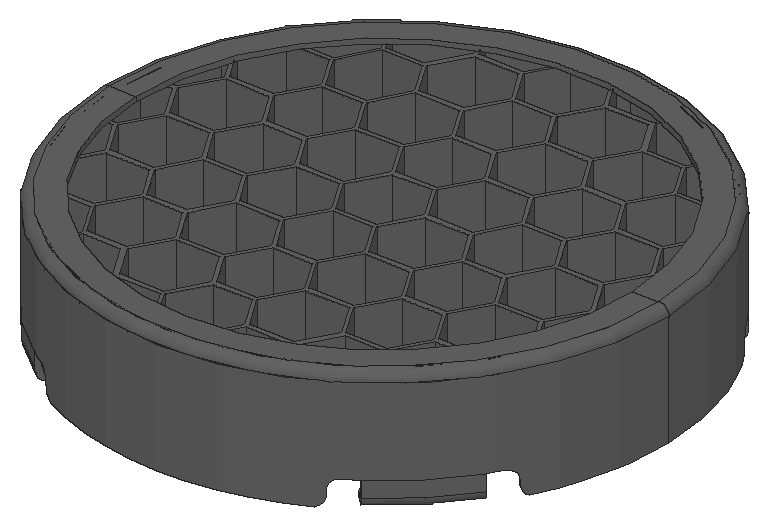
Revit family "STH20911", category Modelos genéricos, Revit 2023
Family settings
  Pode hospedar o vergalhão = Não
  Cota do conector redondo = Utilizar diâmetro
  Tipo de parte = Normal
  Com base no plano de trabalho = Não
  Sempre na vertical = Sim
  Corte com vazios quando carregada = Não
  Manter orientação da anotação = Não
  Compartilhado = Não
  Ponto de cálculo do ambiente = Não
Parameters (values of type "STH20911")
  URL = "https://stella.com.br/"
  Referência = "STH20911"
  Modelo = "Kit Grade"
  Fabricante = "Stella"
  Estrutura = Al - Preto
  Elevação padrão = 0.00 m
  Diâmetro = 0.0345 m
  Comentários de tipos = "Para Square MR11"
  Altura = 0.0075 m
Reference planes (m)
  plane 1 "Centro (Frente/Trás)": y = 0
  plane 2: z = 0
  plane 3 "Centro (Esquerda/Direita)": x = 0
  plane 4: x = 0.01725
  plane 5: x = -0.01725
  plane 6: y = 0.01725
  plane 7: y = -0.01725
  plane 8: z = 0.0075
Forms (m)
  Revolve 1, solid, material "Al - Preto" <- "Estrutura"
    sketch origin (0, 0, 0) x (1, 0, 0) y (0, 0, 1)
      loop
        line (-0.0153, 0.00755) -> (-0.0169, 0.00755)
        arc (-0.0169, 0.00755) -> (-0.017324, 0.007374) -> (-0.0175, 0.00695) r 0.0006
        line (-0.0175, 0.00695) -> (-0.0175, 0) -> (-0.0153, 0) -> (-0.0153, 0.00755)
      axis (0, 0.00755) -> (0, 0)
    angle from 0 to 360
  Revolve 2, void
    sketch origin (0, 0, 0) x (1, 0, 0) y (0, 0, 1)
      loop
        line (-0.0172, 0.006668) -> (-0.0172, 0) -> (-0.0153, 0) -> (-0.0153, 0.00725) -> (-0.016618, 0.00725)
        arc (-0.016618, 0.00725) -> (-0.01703, 0.00708) -> (-0.0172, 0.006668) r 0.000582
      axis (0, 0.00725) -> (0, 0)
    angle from 0 to 360
  Extrusion 3, void
    sketch origin (0, 0, 0) x (0.707107, 0.707107, 0) y (0, 0, 1)
      loop
        arc (-0.00408, 0.0016) -> (-0.004562, 0.001336) -> (-0.004704, 0.000805) r 0.000699
        arc (-0.004704, 0.000805) -> (-0.004805, 0.000315) -> (-0.005194, 0) r 0.000743
        line (-0.005194, 0) -> (0.005194, 0)
        arc (0.005194, 0) -> (0.004805, 0.000315) -> (0.004704, 0.000805) r 0.000743
        arc (0.004704, 0.000805) -> (0.004562, 0.001336) -> (0.00408, 0.0016) r 0.000699
        line (0.00408, 0.0016) -> (-0.00408, 0.0016)
    from -0.0185 to 0.018483
  Extrusion 4, void
    sketch origin (0, 0, 0) x (-0.707107, 0.707107, 0) y (0, 0, -1)
      loop
        line (-0.00408, -0.0016) -> (0.00408, -0.0016)
        arc (0.00408, -0.0016) -> (0.004562, -0.001336) -> (0.004704, -0.000805) r 0.000699
        arc (0.004704, -0.000805) -> (0.004805, -0.000315) -> (0.005194, 0) r 0.000743
        line (0.005194, 0) -> (-0.005194, 0)
        arc (-0.005194, 0) -> (-0.004805, -0.000315) -> (-0.004704, -0.000805) r 0.000743
        arc (-0.004704, -0.000805) -> (-0.004562, -0.001336) -> (-0.00408, -0.0016) r 0.000699
    from -0.0185 to 0.018483
  Revolve 5, solid, material "Al - Preto" <- "Estrutura"
    sketch origin (0, 0, 0) x (1, 0, 0) y (0, 0, 1)
      loop
        line (-0.0152, 0.0016) -> (-0.0175, 0.0016) -> (-0.0175, 0.0006)
        arc (-0.0175, 0.0006) -> (-0.017324, 0.000176) -> (-0.0169, 0) r 0.0006
        line (-0.0169, 0) -> (-0.0152, 0) -> (-0.0152, 0.0016)
      axis (0, 0.0016) -> (0, 0)
    angle from 0 to 360
  Revolve 6, void
    sketch origin (0, 0, -0.003) x (1, 0, 0) y (0, 0, 1)
      loop
        line (-0.0147, 0.005197) -> (-0.0172, 0.005197) -> (-0.0172, 0.003881)
        arc (-0.0172, 0.003881) -> (-0.01703, 0.00347) -> (-0.016619, 0.0033) r 0.000581
        line (-0.016619, 0.0033) -> (-0.0147, 0.0033) -> (-0.0147, 0.005197)
      axis (0, 0.005197) -> (0, 0.0033)
    angle from 0 to 360
  Extrusion 7, void
    sketch origin (0, 0, 0) x (1, 0, 0) y (0, 1, 0)
      loop
        arc (-0.009137, 0.01338) -> (-0.008999, 0.012887) -> (-0.009137, 0.012395) r 0.000945
        arc (-0.009137, 0.012395) -> (-0.010889, 0.010889) -> (-0.012395, 0.009137) r 0.0153
        arc (-0.012395, 0.009137) -> (-0.012887, 0.008999) -> (-0.01338, 0.009137) r 0.000945
        line (-0.01338, 0.009137) -> (-0.015366, 0.011123) -> (-0.018979, 0.011123) -> (-0.018979, -0.011123) -> (-0.015366, -0.011123) -> (-0.01338, -0.009137)
        arc (-0.01338, -0.009137) -> (-0.012887, -0.008999) -> (-0.012395, -0.009137) r 0.000945
        arc (-0.012395, -0.009137) -> (-0.010889, -0.010889) -> (-0.009137, -0.012395) r 0.0153
        arc (-0.009137, -0.012395) -> (-0.008999, -0.012887) -> (-0.009137, -0.01338) r 0.000945
        line (-0.009137, -0.01338) -> (-0.011123, -0.015366) -> (-0.011123, -0.018877) -> (0.011123, -0.018877) -> (0.011123, -0.015366) -> (0.009137, -0.01338)
        arc (0.009137, -0.01338) -> (0.008999, -0.012887) -> (0.009137, -0.012395) r 0.000945
        arc (0.009137, -0.012395) -> (0.010889, -0.010889) -> (0.012395, -0.009137) r 0.0153
        arc (0.012395, -0.009137) -> (0.012887, -0.008999) -> (0.01338, -0.009137) r 0.000945
        line (0.01338, -0.009137) -> (0.015366, -0.011123) -> (0.018979, -0.011123) -> (0.018979, 0.011123) -> (0.015366, 0.011123) -> (0.01338, 0.009137)
        arc (0.01338, 0.009137) -> (0.012887, 0.008999) -> (0.012395, 0.009137) r 0.000945
        arc (0.012395, 0.009137) -> (0.010889, 0.010889) -> (0.009137, 0.012395) r 0.0153
        arc (0.009137, 0.012395) -> (0.008999, 0.012887) -> (0.009137, 0.01338) r 0.000945
        line (0.009137, 0.01338) -> (0.011123, 0.015366) -> (0.011123, 0.018877) -> (-0.011123, 0.018877) -> (-0.011123, 0.015366) -> (-0.009137, 0.01338)
    from 0 to 0.0016
  Extrusion 8, solid, material "Al - Preto" <- "Estrutura"
    sketch origin (0, 0, 0) x (1, 0, 0) y (0, 1, 0)
      loop
        line (-0.01725, 0.01725) -> (-0.01725, -0.01725) -> (0.01725, -0.01725) -> (0.01725, 0.01725) -> (-0.01725, 0.01725)
    from 0.0009 to 0.00725
  Extrusion 9, void
    sketch origin (0, 0, 0) x (1, 0, 0) y (0, 1, 0)
      loop
        circle (0, 0) r 0.016803
      loop
        line (-0.01725, 0.01725) -> (-0.01725, -0.01725) -> (0.01725, -0.01725) -> (0.01725, 0.01725) -> (-0.01725, 0.01725)
    from -0.000365 to 0.008053
  Extrusion 10, void
    sketch origin (0, 0, 0) x (1, 0, 0) y (0, 1, 0)
      loop
        line (-0.001241, 0.00215) -> (-0.002483, 0) -> (-0.001241, -0.00215) -> (0.001241, -0.00215) -> (0.002483, 0) -> (0.001241, 0.00215) -> (-0.001241, 0.00215)
      loop
        line (-0.001386, 0.0023) -> (-0.002627, 0.00445) -> (-0.005346, 0.00445) -> (-0.006588, 0.0023) -> (-0.005346, 0.00015) -> (-0.002627, 0.00015) -> (-0.001386, 0.0023)
      loop
        line (-0.001241, 0.00675) -> (-0.002483, 0.0046) -> (-0.001241, 0.00245) -> (0.001241, 0.00245) -> (0.002483, 0.0046) -> (0.001241, 0.00675) -> (-0.001241, 0.00675)
      loop
        line (-0.009215, 0.00215) -> (-0.010456, 0) -> (-0.009215, -0.00215) -> (-0.006732, -0.00215) -> (-0.005491, 0) -> (-0.006732, 0.00215) -> (-0.009215, 0.00215)
      loop
        line (-0.009359, 0.0023) -> (-0.0106, 0.00445) -> (-0.013325, 0.00445) -> (-0.014567, 0.0023) -> (-0.013325, 0.00015) -> (-0.0106, 0.00015) -> (-0.009359, 0.0023)
      loop
        line (-0.009215, 0.00675) -> (-0.010456, 0.0046) -> (-0.009215, 0.00245) -> (-0.006732, 0.00245) -> (-0.005491, 0.0046) -> (-0.006732, 0.00675) -> (-0.009215, 0.00675)
      loop
        line (-0.009359, -0.0023) -> (-0.0106, -0.00015) -> (-0.013325, -0.00015) -> (-0.014567, -0.0023) -> (-0.013325, -0.00445) -> (-0.0106, -0.00445) -> (-0.009359, -0.0023)
      loop
        line (-0.009359, -0.0069) -> (-0.0106, -0.00475) -> (-0.013325, -0.00475) -> (-0.014567, -0.0069) -> (-0.013325, -0.00905) -> (-0.0106, -0.00905) -> (-0.009359, -0.0069)
      loop
        line (-0.009359, 0.0069) -> (-0.0106, 0.00905) -> (-0.013325, 0.00905) -> (-0.014567, 0.0069) -> (-0.013325, 0.00475) -> (-0.0106, 0.00475) -> (-0.009359, 0.0069)
      loop
        line (-0.009215, -0.00245) -> (-0.010456, -0.0046) -> (-0.009215, -0.00675) -> (-0.006732, -0.00675) -> (-0.005491, -0.0046) -> (-0.006732, -0.00245) -> (-0.009215, -0.00245)
      loop
        line (-0.009215, -0.00705) -> (-0.010456, -0.0092) -> (-0.009215, -0.01135) -> (-0.006732, -0.01135) -> (-0.005491, -0.0092) -> (-0.006732, -0.00705) -> (-0.009215, -0.00705)
      loop
        line (-0.006588, -0.0023) -> (-0.005346, -0.00445) -> (-0.002621, -0.00445) -> (-0.00138, -0.0023) -> (-0.002621, -0.00015) -> (-0.005346, -0.00015) -> (-0.006588, -0.0023)
      loop
        line (-0.006588, -0.0069) -> (-0.005346, -0.00905) -> (-0.002621, -0.00905) -> (-0.00138, -0.0069) -> (-0.002621, -0.00475) -> (-0.005346, -0.00475) -> (-0.006588, -0.0069)
      loop
        line (-0.006588, -0.0115) -> (-0.005346, -0.01365) -> (-0.002621, -0.01365) -> (-0.00138, -0.0115) -> (-0.002621, -0.00935) -> (-0.005346, -0.00935) -> (-0.006588, -0.0115)
      loop
        line (-0.006588, 0.0069) -> (-0.005346, 0.00475) -> (-0.002621, 0.00475) -> (-0.00138, 0.0069) -> (-0.002621, 0.00905) -> (-0.005346, 0.00905) -> (-0.006588, 0.0069)
      loop
        line (-0.006588, 0.0115) -> (-0.005346, 0.00935) -> (-0.002621, 0.00935) -> (-0.00138, 0.0115) -> (-0.002621, 0.01365) -> (-0.005346, 0.01365) -> (-0.006588, 0.0115)
      loop
        line (-0.009215, 0.00705) -> (-0.006732, 0.00705) -> (-0.005491, 0.0092) -> (-0.006732, 0.01135) -> (-0.009215, 0.01135) -> (-0.010456, 0.0092) -> (-0.009215, 0.00705)
      loop
        line (-0.006884, 0.01165) -> (-0.005567, 0.013932) -> (-0.007158, 0.016687) -> (-0.010881, 0.014537) -> (-0.009215, 0.01165) -> (-0.006884, 0.01165)
      loop
        line (0.001386, 0.0023) -> (0.002627, 0.00015) -> (0.005346, 0.00015) -> (0.006588, 0.0023) -> (0.005346, 0.00445) -> (0.002627, 0.00445) -> (0.001386, 0.0023)
      loop
        line (0.009215, 0.00215) -> (0.006732, 0.00215) -> (0.005491, 0) -> (0.006732, -0.00215) -> (0.009215, -0.00215) -> (0.010456, 0) -> (0.009215, 0.00215)
      loop
        line (0.009359, 0.0023) -> (0.0106, 0.00015) -> (0.013325, 0.00015) -> (0.014567, 0.0023) -> (0.013325, 0.00445) -> (0.0106, 0.00445) -> (0.009359, 0.0023)
      loop
        line (0.009215, 0.00675) -> (0.006732, 0.00675) -> (0.005491, 0.0046) -> (0.006732, 0.00245) -> (0.009215, 0.00245) -> (0.010456, 0.0046) -> (0.009215, 0.00675)
      loop
        line (0.014711, 0.00215) -> (0.01347, 0) -> (0.014711, -0.00215) -> (0.018031, -0.00215) -> (0.018031, 0.00215) -> (0.014711, 0.00215)
      loop
        line (0.009359, -0.0023) -> (0.0106, -0.00445) -> (0.013325, -0.00445) -> (0.014567, -0.0023) -> (0.013325, -0.00015) -> (0.0106, -0.00015) -> (0.009359, -0.0023)
      loop
        line (0.009359, -0.0069) -> (0.0106, -0.00905) -> (0.013325, -0.00905) -> (0.014567, -0.0069) -> (0.013325, -0.00475) -> (0.0106, -0.00475) -> (0.009359, -0.0069)
      loop
        line (0.009359, 0.0069) -> (0.0106, 0.00475) -> (0.013325, 0.00475) -> (0.014567, 0.0069) -> (0.013325, 0.00905) -> (0.0106, 0.00905) -> (0.009359, 0.0069)
      loop
        line (0.009215, -0.00245) -> (0.006732, -0.00245) -> (0.005491, -0.0046) -> (0.006732, -0.00675) -> (0.009215, -0.00675) -> (0.010456, -0.0046) -> (0.009215, -0.00245)
      loop
        line (0.009215, -0.00705) -> (0.006732, -0.00705) -> (0.005491, -0.0092) -> (0.006732, -0.01135) -> (0.009215, -0.01135) -> (0.010456, -0.0092) -> (0.009215, -0.00705)
      loop
        line (0.006588, -0.0023) -> (0.005346, -0.00015) -> (0.002621, -0.00015) -> (0.00138, -0.0023) -> (0.002621, -0.00445) -> (0.005346, -0.00445) -> (0.006588, -0.0023)
      loop
        line (0.006588, -0.0069) -> (0.005346, -0.00475) -> (0.002621, -0.00475) -> (0.00138, -0.0069) -> (0.002621, -0.00905) -> (0.005346, -0.00905) -> (0.006588, -0.0069)
      loop
        line (0.006588, -0.0115) -> (0.005346, -0.00935) -> (0.002621, -0.00935) -> (0.00138, -0.0115) -> (0.002621, -0.01365) -> (0.005346, -0.01365) -> (0.006588, -0.0115)
      loop
        line (0.006588, 0.0069) -> (0.005346, 0.00905) -> (0.002621, 0.00905) -> (0.00138, 0.0069) -> (0.002621, 0.00475) -> (0.005346, 0.00475) -> (0.006588, 0.0069)
      loop
        line (0.006588, 0.0115) -> (0.005346, 0.01365) -> (0.002621, 0.01365) -> (0.00138, 0.0115) -> (0.002621, 0.00935) -> (0.005346, 0.00935) -> (0.006588, 0.0115)
      loop
        line (0.009215, 0.00705) -> (0.010456, 0.0092) -> (0.009215, 0.01135) -> (0.006732, 0.01135) -> (0.005491, 0.0092) -> (0.006732, 0.00705) -> (0.009215, 0.00705)
      loop
        line (0.001247, -0.00245) -> (-0.001236, -0.00245) -> (-0.002477, -0.0046) -> (-0.001236, -0.00675) -> (0.001247, -0.00675) -> (0.002488, -0.0046) -> (0.001247, -0.00245)
      loop
        line (0.001247, -0.00705) -> (-0.001236, -0.00705) -> (-0.002477, -0.0092) -> (-0.001236, -0.01135) -> (0.001247, -0.01135) -> (0.002488, -0.0092) -> (0.001247, -0.00705)
      loop
        line (0.001247, -0.01165) -> (-0.001236, -0.01165) -> (-0.002477, -0.0138) -> (-0.001293, -0.01585) -> (0.001305, -0.01585) -> (0.002488, -0.0138) -> (0.001247, -0.01165)
      loop
        line (0.001247, 0.00705) -> (0.002488, 0.0092) -> (0.001247, 0.01135) -> (-0.001236, 0.01135) -> (-0.002477, 0.0092) -> (-0.001236, 0.00705) -> (0.001247, 0.00705)
      loop
        line (0.001247, 0.01165) -> (0.002488, 0.0138) -> (0.001305, 0.01585) -> (-0.001293, 0.01585) -> (-0.002477, 0.0138) -> (-0.001236, 0.01165) -> (0.001247, 0.01165)
      loop
        line (0.006884, 0.01165) -> (0.009215, 0.01165) -> (0.010881, 0.014537) -> (0.007158, 0.016687) -> (0.005567, 0.013932) -> (0.006884, 0.01165)
      loop
        line (-0.009215, -0.01165) -> (-0.010881, -0.014537) -> (-0.007158, -0.016687) -> (-0.005567, -0.013932) -> (-0.006884, -0.01165) -> (-0.009215, -0.01165)
      loop
        line (0.006884, -0.01165) -> (0.005567, -0.013932) -> (0.007158, -0.016687) -> (0.010881, -0.014537) -> (0.009215, -0.01165) -> (0.006884, -0.01165)
      loop
        line (-0.014711, 0.00215) -> (-0.018031, 0.00215) -> (-0.018031, -0.00215) -> (-0.014711, -0.00215) -> (-0.01347, 0) -> (-0.014711, 0.00215)
      loop
        line (0.001147, 0.01615) -> (0.002438, 0.018387) -> (0.001305, 0.02035) -> (-0.001293, 0.02035) -> (-0.002427, 0.018387) -> (-0.001136, 0.01615) -> (0.001147, 0.01615)
      loop
        line (0.006588, 0.0161) -> (0.005404, 0.01815) -> (0.002563, 0.01815) -> (0.00138, 0.0161) -> (0.002621, 0.01395) -> (0.005346, 0.01395) -> (0.006588, 0.0161)
      loop
        line (-0.006576, 0.0161) -> (-0.005335, 0.01395) -> (-0.00261, 0.01395) -> (-0.001368, 0.0161) -> (-0.002552, 0.01815) -> (-0.005392, 0.01815) -> (-0.006576, 0.0161)
      loop
        line (0.001147, -0.01615) -> (-0.001136, -0.01615) -> (-0.002427, -0.018387) -> (-0.001293, -0.02035) -> (0.001305, -0.02035) -> (0.002438, -0.018387) -> (0.001147, -0.01615)
      loop
        line (0.006588, -0.0161) -> (0.005346, -0.01395) -> (0.002621, -0.01395) -> (0.00138, -0.0161) -> (0.002563, -0.01815) -> (0.005404, -0.01815) -> (0.006588, -0.0161)
      loop
        line (-0.006576, -0.0161) -> (-0.005392, -0.01815) -> (-0.002552, -0.01815) -> (-0.001368, -0.0161) -> (-0.00261, -0.01395) -> (-0.005335, -0.01395) -> (-0.006576, -0.0161)
      loop
        line (0.014711, 0.00705) -> (0.017193, 0.00705) -> (0.018435, 0.0092) -> (0.017193, 0.01135) -> (0.014711, 0.01135) -> (0.01347, 0.0092) -> (0.014711, 0.00705)
      loop
        line (0.014711, 0.00675) -> (0.01347, 0.0046) -> (0.014711, 0.00245) -> (0.017193, 0.00245) -> (0.018435, 0.0046) -> (0.017193, 0.00675) -> (0.014711, 0.00675)
      loop
        line (0.009359, 0.0115) -> (0.0106, 0.00935) -> (0.013325, 0.00935) -> (0.014567, 0.0115) -> (0.013325, 0.01365) -> (0.0106, 0.01365) -> (0.009359, 0.0115)
      loop
        line (-0.014711, 0.00705) -> (-0.01347, 0.0092) -> (-0.014711, 0.01135) -> (-0.017193, 0.01135) -> (-0.018435, 0.0092) -> (-0.017193, 0.00705) -> (-0.014711, 0.00705)
      loop
        line (-0.014711, 0.00675) -> (-0.017193, 0.00675) -> (-0.018435, 0.0046) -> (-0.017193, 0.00245) -> (-0.014711, 0.00245) -> (-0.01347, 0.0046) -> (-0.014711, 0.00675)
      loop
        line (-0.009359, 0.0115) -> (-0.0106, 0.01365) -> (-0.013325, 0.01365) -> (-0.014567, 0.0115) -> (-0.013325, 0.00935) -> (-0.0106, 0.00935) -> (-0.009359, 0.0115)
      loop
        line (0.014711, -0.00675) -> (0.017193, -0.00675) -> (0.018435, -0.0046) -> (0.017193, -0.00245) -> (0.014711, -0.00245) -> (0.01347, -0.0046) -> (0.014711, -0.00675)
      loop
        line (-0.014711, -0.00675) -> (-0.01347, -0.0046) -> (-0.014711, -0.00245) -> (-0.017193, -0.00245) -> (-0.018435, -0.0046) -> (-0.017193, -0.00675) -> (-0.014711, -0.00675)
      loop
        line (0.014711, -0.00705) -> (0.01347, -0.0092) -> (0.014711, -0.01135) -> (0.017193, -0.01135) -> (0.018435, -0.0092) -> (0.017193, -0.00705) -> (0.014711, -0.00705)
      loop
        line (-0.014711, -0.00705) -> (-0.017193, -0.00705) -> (-0.018435, -0.0092) -> (-0.017193, -0.01135) -> (-0.014711, -0.01135) -> (-0.01347, -0.0092) -> (-0.014711, -0.00705)
      loop
        line (0.009359, -0.0115) -> (0.0106, -0.01365) -> (0.013325, -0.01365) -> (0.014567, -0.0115) -> (0.013325, -0.00935) -> (0.0106, -0.00935) -> (0.009359, -0.0115)
      loop
        line (-0.009359, -0.0115) -> (-0.0106, -0.00935) -> (-0.013325, -0.00935) -> (-0.014567, -0.0115) -> (-0.013325, -0.01365) -> (-0.0106, -0.01365) -> (-0.009359, -0.0115)
    from -0.000365 to 0.008
Cuts and joins
  Revolve 2, Extrusion 3, Extrusion 4 cuts Revolve 1
  Revolve 6, Extrusion 7 cuts Revolve 5
  joined: Revolve 1, Revolve 5
  Extrusion 9, Extrusion 10 cuts Extrusion 8
Dimensions and locks (m)
  "Diâmetro": plane 5 to plane 4
  "Altura": plane 8 to level
  aligned and locked: level to plane 2
Automatic sketch dimensions
  Revolve 1 sketch curve to level = 0.00 m
  plane 5 to Revolve 1 sketch curve = 0.00025 m
  Revolve 1 sketch curve to Revolve 1 sketch curve = 0.0006 m
  Revolve 1 sketch curve to Revolve 1 sketch curve = 0.0022 m
  plane 8 to Revolve 1 sketch curve = 0.00055 m
  Revolve 1 sketch curve to level = 0.00062 m
  Revolve 1 sketch curve to Revolve 1 sketch curve = 0.0153 m
  Revolve 1 sketch curve to plane 8 = 0.000603 m
  Revolve 2 sketch curve to level = 0.00 m
  Revolve 2 sketch curve to plane 5 = 0.00005 m
  Revolve 2 sketch curve to Revolve 2 sketch curve = 0.000582 m
  Revolve 2 sketch curve to Revolve 2 sketch curve = 0.0019 m
  plane 8 to Revolve 2 sketch curve = 0.000832 m
  Revolve 2 sketch curve to level = 0.000513 m
  Revolve 2 sketch curve to Revolve 2 sketch curve = 0.0153 m
  Revolve 2 sketch curve to plane 8 = 0.000618 m
  Extrusion 3 sketch curve to level = 0.00 m
  level to Extrusion 3 sketch curve = 0.000701 m  (x2)
  Extrusion 3 sketch curve to Extrusion 3 sketch curve = 0.000246 m  (x2)
  Extrusion 3 sketch curve to Extrusion 3 sketch curve = 0.00136 m
  Extrusion 3 sketch curve to Extrusion 3 sketch curve = 0.000068 m  (x2)
  level to Extrusion 3 sketch curve = 0.000903 m  (x2)
  Extrusion 3 sketch curve to Extrusion 3 sketch curve = 0.008024 m
  Extrusion 3 sketch curve to Extrusion 3 sketch curve = 0.001182 m
  Extrusion 3 sketch curve to Extrusion 3 sketch curve = 0.000696 m
  Extrusion 4 sketch curve to level = 0.00 m
  level to Extrusion 4 sketch curve = 0.000701 m  (x2)
  Extrusion 4 sketch curve to Extrusion 4 sketch curve = 0.000246 m  (x2)
  Extrusion 4 sketch curve to Extrusion 4 sketch curve = 0.00136 m
  Extrusion 4 sketch curve to Extrusion 4 sketch curve = 0.000068 m  (x2)
  level to Extrusion 4 sketch curve = 0.000903 m  (x2)
  Extrusion 4 sketch curve to Extrusion 4 sketch curve = 0.008024 m
  Extrusion 4 sketch curve to Extrusion 4 sketch curve = 0.001182 m
  Extrusion 4 sketch curve to Extrusion 4 sketch curve = 0.000696 m
  Revolve 5 sketch curve to level = 0.00 m
  Revolve 5 sketch curve to plane 3 "Centro (Esquerda/Direita)" = 0.00 m
  Revolve 5 sketch curve to plane 5 = 0.00205 m
  Revolve 5 sketch curve to plane 5 = 0.00035 m
  plane 5 to Revolve 5 sketch curve = 0.00025 m
  level to Revolve 5 sketch curve = 0.0016 m
  Revolve 5 sketch curve to level = 0.000702 m
  level to Revolve 5 sketch curve = 0.00243 m
  level to Revolve 6 sketch curve = 0.002197 m
  plane 4 to Revolve 6 sketch curve = 0.03445 m
  level to Revolve 6 sketch curve = 0.0003 m
  Revolve 6 sketch curve to Revolve 6 sketch curve = 0.000581 m
  Revolve 6 sketch curve to Revolve 6 sketch curve = 0.001919 m
  level to Revolve 6 sketch curve = 0.00243 m
  Revolve 6 sketch curve to Revolve 6 sketch curve = 0.0147 m
  Revolve 6 sketch curve to level = 0.000702 m
  Extrusion 8 sketch curve to plane 5 = 0.00 m
  Extrusion 8 sketch curve to plane 4 = 0.00 m
  Extrusion 8 sketch curve to plane 7 = 0.00 m
  Extrusion 8 sketch curve to plane 6 = 0.00 m
  Extrusion 9 sketch curve to plane 5 = 0.00 m
  plane 1 "Centro (Frente/Trás)" to Extrusion 9 sketch curve = 0.00 m
  plane 3 "Centro (Esquerda/Direita)" to Extrusion 9 sketch curve = 0.00 m
  Extrusion 9 sketch curve to plane 4 = 0.00 m
  Extrusion 9 sketch curve to plane 7 = 0.00 m
  Extrusion 9 sketch curve to plane 6 = 0.00 m
  Extrusion 7 sketch curve to Extrusion 7 sketch curve = 0.00 m  (x2)
  Extrusion 7 sketch curve to Extrusion 7 sketch curve = 0.000141 m  (x4)
  Extrusion 7 sketch curve to plane 1 "Centro (Frente/Trás)" = 0.000071 m
  plane 3 "Centro (Esquerda/Direita)" to Extrusion 7 sketch curve = 0.000071 m
  plane 7 to Extrusion 7 sketch curve = 0.00387 m
  Extrusion 7 sketch curve to plane 5 = 0.008113 m  (x2)
  Extrusion 7 sketch curve to plane 6 = 0.00387 m
  Extrusion 7 sketch curve to Extrusion 7 sketch curve = 0.000807 m  (x12)
  plane 6 to Extrusion 7 sketch curve = 0.001627 m
  Extrusion 7 sketch curve to Extrusion 7 sketch curve = 0.001986 m  (x3)
  plane 7 to Extrusion 7 sketch curve = 0.001884 m  (x2)
  Extrusion 7 sketch curve to Extrusion 7 sketch curve = 0.00118 m  (x6)
  Extrusion 7 sketch curve to Extrusion 7 sketch curve = 0.002944 m  (x2)
  Extrusion 7 sketch curve to Extrusion 7 sketch curve = 0.000492 m  (x10)
  Extrusion 7 sketch curve to plane 5 = 0.001884 m  (x2)
  plane 5 to Extrusion 7 sketch curve = 0.001729 m
  Extrusion 7 sketch curve to plane 6 = 0.001884 m  (x2)
  plane 4 to Extrusion 7 sketch curve = 0.00387 m
  plane 4 to Extrusion 7 sketch curve = 0.001884 m  (x2)
  Extrusion 7 sketch curve to plane 4 = 0.001729 m
  Extrusion 7 sketch curve to plane 7 = 0.001627 m
  Extrusion 7 sketch curve to Extrusion 7 sketch curve = 0.002479 m
  Extrusion 7 sketch curve to Extrusion 7 sketch curve = 0.001764 m  (x2)
  Extrusion 7 sketch curve to Extrusion 7 sketch curve = 0.004243 m
  Extrusion 7 sketch curve to Extrusion 7 sketch curve = 0.00375 m  (x2)
  plane 1 "Centro (Frente/Trás)" to Extrusion 10 sketch curve = 0.00 m  (x8)
  plane 5 to Extrusion 10 sketch curve = 0.001185 m  (x4)
  plane 5 to Extrusion 10 sketch curve = 0.000781 m
  Extrusion 10 sketch curve to plane 5 = 0.000057 m  (x8)
  Extrusion 10 sketch curve to Extrusion 10 sketch curve = 0.002483 m  (x14)
  Extrusion 10 sketch curve to Extrusion 10 sketch curve = 0.00 m  (x38)
  Extrusion 10 sketch curve to Extrusion 10 sketch curve = 0.000144 m  (x111)
  Extrusion 10 sketch curve to Extrusion 10 sketch curve = 0.001241 m  (x40)
  plane 1 "Centro (Frente/Trás)" to Extrusion 10 sketch curve = 0.00015 m  (x4)
  Extrusion 10 sketch curve to Extrusion 10 sketch curve = 0.002444 m  (x4)
  Extrusion 10 sketch curve to Extrusion 10 sketch curve = 0.002725 m  (x15)
  Extrusion 10 sketch curve to Extrusion 10 sketch curve = 0.000281 m  (x4)
  Extrusion 10 sketch curve to plane 1 "Centro (Frente/Trás)" = 0.00015 m  (x4)
  Extrusion 10 sketch curve to plane 1 "Centro (Frente/Trás)" = 0.0023 m  (x4)
  plane 1 "Centro (Frente/Trás)" to Extrusion 10 sketch curve = 0.0023 m  (x4)
  plane 1 "Centro (Frente/Trás)" to Extrusion 10 sketch curve = 0.00215 m  (x2)
  Extrusion 10 sketch curve to plane 6 = 0.000563 m  (x2)
  Extrusion 10 sketch curve to Extrusion 10 sketch curve = 0.003724 m  (x2)
  plane 7 to Extrusion 10 sketch curve = 0.000563 m  (x2)
  Extrusion 10 sketch curve to Extrusion 10 sketch curve = 0.00233 m  (x4)
  Extrusion 10 sketch curve to plane 1 "Centro (Frente/Trás)" = 0.00245 m
  Extrusion 10 sketch curve to plane 1 "Centro (Frente/Trás)" = 0.00215 m  (x5)
  Extrusion 10 sketch curve to Extrusion 10 sketch curve = 0.000152 m  (x2)
  plane 7 to Extrusion 10 sketch curve = 0.00115 m  (x2)
  Extrusion 10 sketch curve to Extrusion 10 sketch curve = 0.000581 m  (x2)
  Extrusion 10 sketch curve to plane 6 = 0.00115 m  (x2)
  plane 7 to Extrusion 10 sketch curve = 0.003318 m
  Extrusion 10 sketch curve to Extrusion 10 sketch curve = 0.001009 m  (x2)
  Extrusion 10 sketch curve to plane 6 = 0.003318 m
  Extrusion 10 sketch curve to plane 7 = 0.0009 m  (x2)
  Extrusion 10 sketch curve to Extrusion 10 sketch curve = 0.001765 m  (x2)
  plane 6 to Extrusion 10 sketch curve = 0.0009 m  (x2)
  Extrusion 10 sketch curve to Extrusion 10 sketch curve = 0.000221 m  (x4)
  Extrusion 10 sketch curve to Extrusion 10 sketch curve = 0.000232 m  (x2)
  Extrusion 10 sketch curve to plane 3 "Centro (Esquerda/Direita)" = 0.002627 m  (x2)
  Extrusion 10 sketch curve to Extrusion 10 sketch curve = 0.000006 m  (x4)
  Extrusion 10 sketch curve to plane 3 "Centro (Esquerda/Direita)" = 0.002621 m  (x5)
  Extrusion 10 sketch curve to Extrusion 10 sketch curve = 0.000012 m  (x2)
  Extrusion 10 sketch curve to plane 3 "Centro (Esquerda/Direita)" = 0.002552 m  (x2)
  Extrusion 10 sketch curve to Extrusion 10 sketch curve = 0.000139 m  (x6)
  Extrusion 10 sketch curve to Extrusion 10 sketch curve = 0.000133 m  (x17)
  Extrusion 10 sketch curve to plane 7 = 0.001137 m  (x2)
  Extrusion 10 sketch curve to Extrusion 10 sketch curve = 0.000125 m  (x4)
  plane 6 to Extrusion 10 sketch curve = 0.001137 m  (x2)
  Extrusion 10 sketch curve to plane 3 "Centro (Esquerda/Direita)" = 0.001386 m
  Extrusion 10 sketch curve to plane 3 "Centro (Esquerda/Direita)" = 0.00138 m  (x5)
  Extrusion 10 sketch curve to plane 3 "Centro (Esquerda/Direita)" = 0.001368 m  (x2)
  Extrusion 10 sketch curve to Extrusion 10 sketch curve = 0.000075 m  (x2)
  Extrusion 10 sketch curve to plane 3 "Centro (Esquerda/Direita)" = 0.001293 m  (x2)
  Extrusion 10 sketch curve to Extrusion 10 sketch curve = 0.000233 m  (x4)
  plane 3 "Centro (Esquerda/Direita)" to Extrusion 10 sketch curve = 0.001147 m  (x2)
  plane 3 "Centro (Esquerda/Direita)" to Extrusion 10 sketch curve = 0.001241 m  (x3)
  plane 3 "Centro (Esquerda/Direita)" to Extrusion 10 sketch curve = 0.001247 m  (x3)
  plane 3 "Centro (Esquerda/Direita)" to Extrusion 10 sketch curve = 0.001305 m  (x2)
  Extrusion 10 sketch curve to Extrusion 10 sketch curve = 0.000158 m  (x2)
  Extrusion 10 sketch curve to Extrusion 10 sketch curve = 0.001134 m  (x2)
  Extrusion 10 sketch curve to Extrusion 10 sketch curve = 0.001184 m  (x4)
  Extrusion 10 sketch curve to Extrusion 10 sketch curve = 0.002719 m  (x2)
  Extrusion 10 sketch curve to Extrusion 10 sketch curve = 0.002841 m  (x2)
  plane 1 "Centro (Frente/Trás)" to Extrusion 10 sketch curve = 0.00245 m
  Extrusion 10 sketch curve to Extrusion 10 sketch curve = 0.000297 m  (x2)
  Extrusion 10 sketch curve to Extrusion 10 sketch curve = 0.00057 m  (x2)
  Extrusion 10 sketch curve to Extrusion 10 sketch curve = 0.001386 m  (x2)
  Extrusion 10 sketch curve to plane 6 = 0.002713 m
  plane 7 to Extrusion 10 sketch curve = 0.002713 m
  plane 4 to Extrusion 10 sketch curve = 0.000057 m  (x8)
  Extrusion 10 sketch curve to plane 4 = 0.000781 m
  Extrusion 10 sketch curve to plane 4 = 0.001185 m  (x4)
  Extrusion 10 sketch curve to Extrusion 10 sketch curve = 0.001963 m  (x2)
  plane 7 to Extrusion 10 sketch curve = 0.0011 m
  Extrusion 10 sketch curve to Extrusion 10 sketch curve = 0.00005 m  (x3)
  Extrusion 10 sketch curve to Extrusion 10 sketch curve = 0.00025 m  (x3)
  Extrusion 10 sketch curve to Extrusion 10 sketch curve = 0.0019 m
  Extrusion 10 sketch curve to Extrusion 10 sketch curve = 0.000018 m  (x3)
  Extrusion 10 sketch curve to Extrusion 10 sketch curve = 0.00015 m  (x111)
  Extrusion 10 sketch curve to Extrusion 10 sketch curve = 0.000887 m  (x4)
  Extrusion 10 sketch curve to Extrusion 10 sketch curve = 0.0003 m  (x7)
  Extrusion 10 sketch curve to Extrusion 10 sketch curve = 0.002 m  (x32)
  Extrusion 10 sketch curve to Extrusion 10 sketch curve = 0.00215 m  (x12)
  Extrusion 10 sketch curve to Extrusion 10 sketch curve = 0.000282 m
  Extrusion 10 sketch curve to plane 6 = 0.0014 m
  radius of Extrusion 9 sketch curve = 0.016803 m
